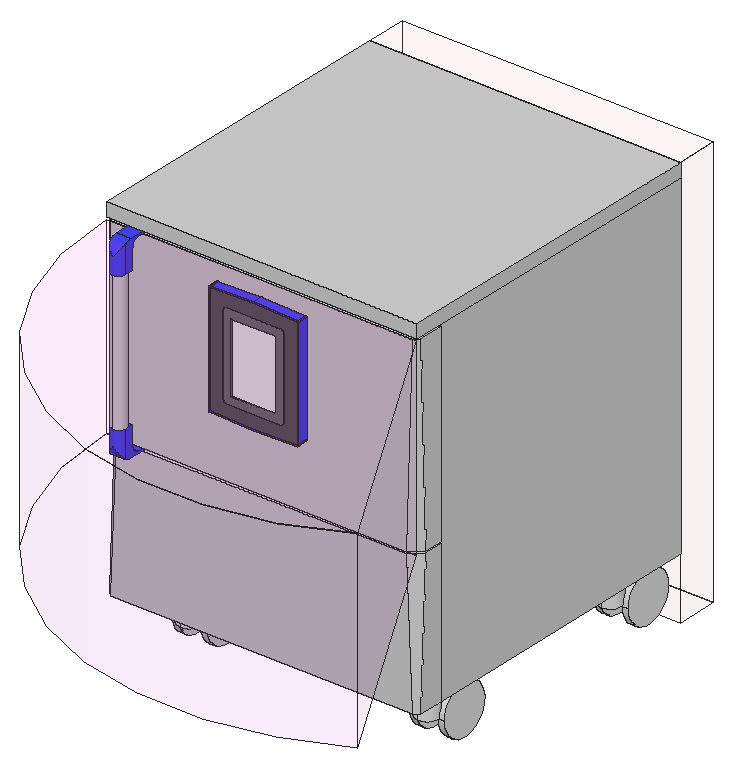
Revit family "Normann_Nortech_NAT5A-R290", category Attrezzature speciali, Revit 2021 (continued)
Definition of nested family "Griglia_Plus"
  Lines and regions (mm)
    model lines, detail levels medium+fine
      curve 331: line (120.936, -250.699, 0) -> (134.849, -258.731, 0)
      curve 332: line (120.936, -250.699, 0) -> (134.849, -242.666, 0)
      curve 333: line (134.849, -242.666, 0) -> (134.849, -258.731, 0)
      curve 334: line (152.781, -250.699, 0) -> (138.867, -258.731, 0)
      curve 335: line (152.781, -250.699, 0) -> (138.867, -242.666, 0)
      curve 336: line (138.867, -242.666, 0) -> (138.867, -258.731, 0)
      curve 337: line (154.797, -270.438, 0) -> (140.884, -262.405, 0)
      curve 338: line (154.797, -270.438, 0) -> (154.797, -254.373, 0)
      curve 339: line (154.797, -254.373, 0) -> (140.884, -262.405, 0)
      curve 340: line (118.953, -254.362, 0) -> (132.866, -262.395, 0)
      curve 341: line (118.953, -254.362, 0) -> (118.953, -270.428, 0)
      curve 342: line (118.953, -270.428, 0) -> (132.866, -262.395, 0)
      curve 343: line (120.936, -133.703, 0) -> (134.849, -125.67, 0)
      curve 344: line (120.936, -133.703, 0) -> (134.849, -141.736, 0)
      curve 345: line (134.849, -141.736, 0) -> (134.849, -125.67, 0)
      curve 346: line (152.781, -133.703, 0) -> (138.867, -125.67, 0)
      curve 347: line (152.781, -133.703, 0) -> (138.867, -141.736, 0)
      curve 348: line (138.867, -141.736, 0) -> (138.867, -125.67, 0)
      curve 349: line (120.936, -110.699, 0) -> (134.849, -118.731, 0)
      curve 350: line (120.936, -110.699, 0) -> (134.849, -102.666, 0)
      curve 351: line (134.849, -102.666, 0) -> (134.849, -118.731, 0)
      curve 352: line (152.781, -110.699, 0) -> (138.867, -118.731, 0)
      curve 353: line (152.781, -110.699, 0) -> (138.867, -102.666, 0)
      curve 354: line (138.867, -102.666, 0) -> (138.867, -118.731, 0)
      curve 355: line (154.797, -130.438, 0) -> (140.884, -122.405, 0)
      curve 356: line (154.797, -130.438, 0) -> (154.797, -114.373, 0)
      curve 357: line (154.797, -114.373, 0) -> (140.884, -122.405, 0)
      curve 358: line (118.953, -114.362, 0) -> (132.866, -122.395, 0)
      curve 359: line (118.953, -114.362, 0) -> (118.953, -130.428, 0)
      curve 360: line (118.953, -130.428, 0) -> (132.866, -122.395, 0)
      curve 361: line (154.797, -136.968, 0) -> (140.884, -145, 0)
      curve 362: line (154.797, -136.968, 0) -> (154.797, -153.033, 0)
      curve 363: line (154.797, -153.033, 0) -> (140.884, -145, 0)
      curve 364: line (118.953, -153.043, 0) -> (132.866, -145.011, 0)
      curve 365: line (118.953, -153.043, 0) -> (118.953, -136.978, 0)
      curve 366: line (118.953, -136.978, 0) -> (132.866, -145.011, 0)
      curve 367: line (120.936, -89.941, 0) -> (134.849, -81.909, 0)
      curve 368: line (120.936, -89.941, 0) -> (134.849, -97.974, 0)
      curve 369: line (134.849, -97.974, 0) -> (134.849, -81.909, 0)
      curve 370: line (152.781, -89.941, 0) -> (138.867, -81.909, 0)
      curve 371: line (152.781, -89.941, 0) -> (138.867, -97.974, 0)
      curve 372: line (138.867, -97.974, 0) -> (138.867, -81.909, 0)
      curve 373: line (120.936, -66.937, 0) -> (134.849, -74.97, 0)
      curve 374: line (120.936, -66.937, 0) -> (134.849, -58.904, 0)
      curve 375: line (134.849, -58.904, 0) -> (134.849, -74.97, 0)
      curve 376: line (152.781, -66.937, 0) -> (138.867, -74.97, 0)
      curve 377: line (152.781, -66.937, 0) -> (138.867, -58.904, 0)
      curve 378: line (138.867, -58.904, 0) -> (138.867, -74.97, 0)
      curve 379: line (154.797, -86.677, 0) -> (140.884, -78.644, 0)
      curve 380: line (154.797, -86.677, 0) -> (154.797, -70.611, 0)
      curve 381: line (154.797, -70.611, 0) -> (140.884, -78.644, 0)
      curve 382: line (118.953, -70.601, 0) -> (132.866, -78.633, 0)
      curve 383: line (118.953, -70.601, 0) -> (118.953, -86.666, 0)
      curve 384: line (118.953, -86.666, 0) -> (132.866, -78.633, 0)
      curve 385: line (154.797, -93.206, 0) -> (140.884, -101.239, 0)
      curve 386: line (154.797, -93.206, 0) -> (154.797, -109.272, 0)
      curve 387: line (154.797, -109.272, 0) -> (140.884, -101.239, 0)
      curve 388: line (118.953, -109.282, 0) -> (132.866, -101.249, 0)
      curve 389: line (118.953, -109.282, 0) -> (118.953, -93.217, 0)
      curve 390: line (118.953, -93.217, 0) -> (132.866, -101.249, 0)
      curve 391: line (120.936, -43.691, 0) -> (134.849, -35.659, 0)
      curve 392: line (120.936, -43.691, 0) -> (134.849, -51.724, 0)
      curve 393: line (134.849, -51.724, 0) -> (134.849, -35.659, 0)
      curve 394: line (152.781, -43.691, 0) -> (138.867, -35.659, 0)
      curve 395: line (152.781, -43.691, 0) -> (138.867, -51.724, 0)
      curve 396: line (138.867, -51.724, 0) -> (138.867, -35.659, 0)
      curve 397: line (120.936, -20.687, 0) -> (134.849, -28.72, 0)
      curve 398: line (120.936, -20.687, 0) -> (134.849, -12.654, 0)
      curve 399: line (134.849, -12.654, 0) -> (134.849, -28.72, 0)
      curve 400: line (152.781, -20.687, 0) -> (138.867, -28.72, 0)
      curve 401: line (152.781, -20.687, 0) -> (138.867, -12.654, 0)
      curve 402: line (138.867, -12.654, 0) -> (138.867, -28.72, 0)
      curve 403: line (154.797, -40.427, 0) -> (140.884, -32.394, 0)
      curve 404: line (154.797, -40.427, 0) -> (154.797, -24.361, 0)
      curve 405: line (154.797, -24.361, 0) -> (140.884, -32.394, 0)
      curve 406: line (118.953, -24.351, 0) -> (132.866, -32.383, 0)
      curve 407: line (118.953, -24.351, 0) -> (118.953, -40.416, 0)
      curve 408: line (118.953, -40.416, 0) -> (132.866, -32.383, 0)
      curve 409: line (154.797, -46.956, 0) -> (140.884, -54.989, 0)
      curve 410: line (154.797, -46.956, 0) -> (154.797, -63.022, 0)
      curve 411: line (154.797, -63.022, 0) -> (140.884, -54.989, 0)
      curve 412: line (118.953, -63.032, 0) -> (132.866, -54.999, 0)
      curve 413: line (118.953, -63.032, 0) -> (118.953, -46.967, 0)
      curve 414: line (118.953, -46.967, 0) -> (132.866, -54.999, 0)
      curve 415: line (160.936, -180.917, 0) -> (174.849, -172.885, 0)
      curve 416: line (160.936, -180.917, 0) -> (174.849, -188.95, 0)
      curve 417: line (174.849, -188.95, 0) -> (174.849, -172.885, 0)
      curve 418: line (192.781, -180.917, 0) -> (178.867, -172.885, 0)
      curve 419: line (192.781, -180.917, 0) -> (178.867, -188.95, 0)
      curve 420: line (178.867, -188.95, 0) -> (178.867, -172.885, 0)
      curve 421: line (160.936, -157.913, 0) -> (174.849, -165.946, 0)
      curve 422: line (160.936, -157.913, 0) -> (174.849, -149.88, 0)
      curve 423: line (174.849, -149.88, 0) -> (174.849, -165.946, 0)
      curve 424: line (192.781, -157.913, 0) -> (178.867, -165.946, 0)
      curve 425: line (192.781, -157.913, 0) -> (178.867, -149.88, 0)
      curve 426: line (178.867, -149.88, 0) -> (178.867, -165.946, 0)
      curve 427: line (194.797, -177.653, 0) -> (180.884, -169.62, 0)
      curve 428: line (194.797, -177.653, 0) -> (194.797, -161.587, 0)
      curve 429: line (194.797, -161.587, 0) -> (180.884, -169.62, 0)
      curve 430: line (158.953, -161.577, 0) -> (172.866, -169.609, 0)
      curve 431: line (158.953, -161.577, 0) -> (158.953, -177.642, 0)
      curve 432: line (158.953, -177.642, 0) -> (172.866, -169.609, 0)
      curve 433: line (194.797, -184.182, 0) -> (180.884, -192.215, 0)
      curve 434: line (194.797, -184.182, 0) -> (194.797, -200.248, 0)
      curve 435: line (194.797, -200.248, 0) -> (180.884, -192.215, 0)
      curve 436: line (158.953, -200.258, 0) -> (172.866, -192.225, 0)
      curve 437: line (158.953, -200.258, 0) -> (158.953, -184.192, 0)
      curve 438: line (158.953, -184.192, 0) -> (172.866, -192.225, 0)
      curve 439: line (160.936, -227.884, 0) -> (174.849, -219.851, 0)
      curve 440: line (160.936, -227.884, 0) -> (174.849, -235.917, 0)
      curve 441: line (174.849, -235.917, 0) -> (174.849, -219.851, 0)
      curve 442: line (192.781, -227.884, 0) -> (178.867, -219.851, 0)
      curve 443: line (192.781, -227.884, 0) -> (178.867, -235.917, 0)
      curve 444: line (178.867, -235.917, 0) -> (178.867, -219.851, 0)
      curve 445: line (160.936, -204.88, 0) -> (174.849, -212.912, 0)
      curve 446: line (160.936, -204.88, 0) -> (174.849, -196.847, 0)
      curve 447: line (174.849, -196.847, 0) -> (174.849, -212.912, 0)
      curve 448: line (192.781, -204.88, 0) -> (178.867, -212.912, 0)
      curve 449: line (192.781, -204.88, 0) -> (178.867, -196.847, 0)
      curve 450: line (178.867, -196.847, 0) -> (178.867, -212.912, 0)
      curve 451: line (194.797, -224.619, 0) -> (180.884, -216.587, 0)
      curve 452: line (194.797, -224.619, 0) -> (194.797, -208.554, 0)
      curve 453: line (194.797, -208.554, 0) -> (180.884, -216.587, 0)
      curve 454: line (158.953, -208.543, 0) -> (172.866, -216.576, 0)
      curve 455: line (158.953, -208.543, 0) -> (158.953, -224.609, 0)
      curve 456: line (158.953, -224.609, 0) -> (172.866, -216.576, 0)
      curve 457: line (194.797, -231.149, 0) -> (180.884, -239.181, 0)
      curve 458: line (194.797, -231.149, 0) -> (194.797, -247.214, 0)
      curve 459: line (194.797, -247.214, 0) -> (180.884, -239.181, 0)
      curve 460: line (158.953, -247.225, 0) -> (172.866, -239.192, 0)
      curve 461: line (158.953, -247.225, 0) -> (158.953, -231.159, 0)
      curve 462: line (158.953, -231.159, 0) -> (172.866, -239.192, 0)
      curve 463: line (160.936, -273.703, 0) -> (174.849, -265.67, 0)
      curve 464: line (160.936, -273.703, 0) -> (174.849, -281.736, 0)
      curve 465: line (174.849, -281.736, 0) -> (174.849, -265.67, 0)
      curve 466: line (192.781, -273.703, 0) -> (178.867, -265.67, 0)
      curve 467: line (192.781, -273.703, 0) -> (178.867, -281.736, 0)
      curve 468: line (178.867, -281.736, 0) -> (178.867, -265.67, 0)
      curve 469: line (160.936, -250.699, 0) -> (174.849, -258.731, 0)
      curve 470: line (160.936, -250.699, 0) -> (174.849, -242.666, 0)
      curve 471: line (174.849, -242.666, 0) -> (174.849, -258.731, 0)
      curve 472: line (192.781, -250.699, 0) -> (178.867, -258.731, 0)
      curve 473: line (192.781, -250.699, 0) -> (178.867, -242.666, 0)
      curve 474: line (178.867, -242.666, 0) -> (178.867, -258.731, 0)
      curve 475: line (194.797, -270.438, 0) -> (180.884, -262.405, 0)
      curve 476: line (194.797, -270.438, 0) -> (194.797, -254.373, 0)
      curve 477: line (194.797, -254.373, 0) -> (180.884, -262.405, 0)
      curve 478: line (158.953, -254.362, 0) -> (172.866, -262.395, 0)
      curve 479: line (158.953, -254.362, 0) -> (158.953, -270.428, 0)
      curve 480: line (158.953, -270.428, 0) -> (172.866, -262.395, 0)
      curve 481: line (160.936, -133.703, 0) -> (174.849, -125.67, 0)
      curve 482: line (160.936, -133.703, 0) -> (174.849, -141.736, 0)
      curve 483: line (174.849, -141.736, 0) -> (174.849, -125.67, 0)
      curve 484: line (192.781, -133.703, 0) -> (178.867, -125.67, 0)
      curve 485: line (192.781, -133.703, 0) -> (178.867, -141.736, 0)
      curve 486: line (178.867, -141.736, 0) -> (178.867, -125.67, 0)
      curve 487: line (160.936, -110.699, 0) -> (174.849, -118.731, 0)
      curve 488: line (160.936, -110.699, 0) -> (174.849, -102.666, 0)
      curve 489: line (174.849, -102.666, 0) -> (174.849, -118.731, 0)
      curve 490: line (192.781, -110.699, 0) -> (178.867, -118.731, 0)
      curve 491: line (192.781, -110.699, 0) -> (178.867, -102.666, 0)
      curve 492: line (178.867, -102.666, 0) -> (178.867, -118.731, 0)
      curve 493: line (194.797, -130.438, 0) -> (180.884, -122.405, 0)
      curve 494: line (194.797, -130.438, 0) -> (194.797, -114.373, 0)
      curve 495: line (194.797, -114.373, 0) -> (180.884, -122.405, 0)
      curve 496: line (158.953, -114.362, 0) -> (172.866, -122.395, 0)
      curve 497: line (158.953, -114.362, 0) -> (158.953, -130.428, 0)
      curve 498: line (158.953, -130.428, 0) -> (172.866, -122.395, 0)
      curve 499: line (194.797, -136.968, 0) -> (180.884, -145, 0)
      curve 500: line (194.797, -136.968, 0) -> (194.797, -153.033, 0)
      curve 501: line (194.797, -153.033, 0) -> (180.884, -145, 0)
      curve 502: line (158.953, -153.043, 0) -> (172.866, -145.011, 0)
      curve 503: line (158.953, -153.043, 0) -> (158.953, -136.978, 0)
      curve 504: line (158.953, -136.978, 0) -> (172.866, -145.011, 0)
      curve 505: line (160.936, -89.941, 0) -> (174.849, -81.909, 0)
      curve 506: line (160.936, -89.941, 0) -> (174.849, -97.974, 0)
      curve 507: line (174.849, -97.974, 0) -> (174.849, -81.909, 0)
      curve 508: line (192.781, -89.941, 0) -> (178.867, -81.909, 0)
      curve 509: line (192.781, -89.941, 0) -> (178.867, -97.974, 0)
      curve 510: line (178.867, -97.974, 0) -> (178.867, -81.909, 0)
      curve 511: line (160.936, -66.937, 0) -> (174.849, -74.97, 0)
      curve 512: line (160.936, -66.937, 0) -> (174.849, -58.904, 0)
      curve 513: line (174.849, -58.904, 0) -> (174.849, -74.97, 0)
      curve 514: line (192.781, -66.937, 0) -> (178.867, -74.97, 0)
      curve 515: line (192.781, -66.937, 0) -> (178.867, -58.904, 0)
      curve 516: line (178.867, -58.904, 0) -> (178.867, -74.97, 0)
      curve 517: line (194.797, -86.677, 0) -> (180.884, -78.644, 0)
      curve 518: line (194.797, -86.677, 0) -> (194.797, -70.611, 0)
      curve 519: line (194.797, -70.611, 0) -> (180.884, -78.644, 0)
      curve 520: line (158.953, -70.601, 0) -> (172.866, -78.633, 0)
      curve 521: line (158.953, -70.601, 0) -> (158.953, -86.666, 0)
      curve 522: line (158.953, -86.666, 0) -> (172.866, -78.633, 0)
      curve 523: line (194.797, -93.206, 0) -> (180.884, -101.239, 0)
      curve 524: line (194.797, -93.206, 0) -> (194.797, -109.272, 0)
      curve 525: line (194.797, -109.272, 0) -> (180.884, -101.239, 0)
      curve 526: line (158.953, -109.282, 0) -> (172.866, -101.249, 0)
      curve 527: line (158.953, -109.282, 0) -> (158.953, -93.217, 0)
      curve 528: line (158.953, -93.217, 0) -> (172.866, -101.249, 0)
      curve 529: line (160.936, -43.691, 0) -> (174.849, -35.659, 0)
      curve 530: line (160.936, -43.691, 0) -> (174.849, -51.724, 0)
      curve 531: line (174.849, -51.724, 0) -> (174.849, -35.659, 0)
      curve 532: line (192.781, -43.691, 0) -> (178.867, -35.659, 0)
      curve 533: line (192.781, -43.691, 0) -> (178.867, -51.724, 0)
      curve 534: line (178.867, -51.724, 0) -> (178.867, -35.659, 0)
      curve 535: line (160.936, -20.687, 0) -> (174.849, -28.72, 0)
      curve 536: line (160.936, -20.687, 0) -> (174.849, -12.654, 0)
      curve 537: line (174.849, -12.654, 0) -> (174.849, -28.72, 0)
      curve 538: line (192.781, -20.687, 0) -> (178.867, -28.72, 0)
      curve 539: line (192.781, -20.687, 0) -> (178.867, -12.654, 0)
      curve 540: line (178.867, -12.654, 0) -> (178.867, -28.72, 0)
      curve 541: line (194.797, -40.427, 0) -> (180.884, -32.394, 0)
      curve 542: line (194.797, -40.427, 0) -> (194.797, -24.361, 0)
      curve 543: line (194.797, -24.361, 0) -> (180.884, -32.394, 0)
      curve 544: line (158.953, -24.351, 0) -> (172.866, -32.383, 0)
      curve 545: line (158.953, -24.351, 0) -> (158.953, -40.416, 0)
      curve 546: line (158.953, -40.416, 0) -> (172.866, -32.383, 0)
      curve 547: line (194.797, -46.956, 0) -> (180.884, -54.989, 0)
      curve 548: line (194.797, -46.956, 0) -> (194.797, -63.022, 0)
      curve 549: line (194.797, -63.022, 0) -> (180.884, -54.989, 0)
      curve 550: line (158.953, -63.032, 0) -> (172.866, -54.999, 0)
      curve 551: line (158.953, -63.032, 0) -> (158.953, -46.967, 0)
      curve 552: line (158.953, -46.967, 0) -> (172.866, -54.999, 0)
      curve 553: line (200.936, -180.917, 0) -> (214.849, -172.885, 0)
      curve 554: line (200.936, -180.917, 0) -> (214.849, -188.95, 0)
      curve 555: line (214.849, -188.95, 0) -> (214.849, -172.885, 0)
      curve 556: line (232.781, -180.917, 0) -> (218.867, -172.885, 0)
      curve 557: line (232.781, -180.917, 0) -> (218.867, -188.95, 0)
      curve 558: line (218.867, -188.95, 0) -> (218.867, -172.885, 0)
      curve 559: line (200.936, -157.913, 0) -> (214.849, -165.946, 0)
      curve 560: line (200.936, -157.913, 0) -> (214.849, -149.88, 0)
      curve 561: line (214.849, -149.88, 0) -> (214.849, -165.946, 0)
      curve 562: line (232.781, -157.913, 0) -> (218.867, -165.946, 0)
      curve 563: line (232.781, -157.913, 0) -> (218.867, -149.88, 0)
      curve 564: line (218.867, -149.88, 0) -> (218.867, -165.946, 0)
      curve 565: line (234.797, -177.653, 0) -> (220.884, -169.62, 0)
      curve 566: line (234.797, -177.653, 0) -> (234.797, -161.587, 0)
      curve 567: line (234.797, -161.587, 0) -> (220.884, -169.62, 0)
      curve 568: line (198.953, -161.577, 0) -> (212.866, -169.609, 0)
      curve 569: line (198.953, -161.577, 0) -> (198.953, -177.642, 0)
      curve 570: line (198.953, -177.642, 0) -> (212.866, -169.609, 0)
      curve 571: line (234.797, -184.182, 0) -> (220.884, -192.215, 0)
      curve 572: line (234.797, -184.182, 0) -> (234.797, -200.248, 0)
      curve 573: line (234.797, -200.248, 0) -> (220.884, -192.215, 0)
      curve 574: line (198.953, -200.258, 0) -> (212.866, -192.225, 0)
      curve 575: line (198.953, -200.258, 0) -> (198.953, -184.192, 0)
      curve 576: line (198.953, -184.192, 0) -> (212.866, -192.225, 0)
      curve 577: line (200.936, -227.884, 0) -> (214.849, -219.851, 0)
      curve 578: line (200.936, -227.884, 0) -> (214.849, -235.917, 0)
      curve 579: line (214.849, -235.917, 0) -> (214.849, -219.851, 0)
      curve 580: line (232.781, -227.884, 0) -> (218.867, -219.851, 0)
      curve 581: line (232.781, -227.884, 0) -> (218.867, -235.917, 0)
      curve 582: line (218.867, -235.917, 0) -> (218.867, -219.851, 0)
      curve 583: line (200.936, -204.88, 0) -> (214.849, -212.912, 0)
      curve 584: line (200.936, -204.88, 0) -> (214.849, -196.847, 0)
      curve 585: line (214.849, -196.847, 0) -> (214.849, -212.912, 0)
      curve 586: line (232.781, -204.88, 0) -> (218.867, -212.912, 0)
      curve 587: line (232.781, -204.88, 0) -> (218.867, -196.847, 0)
      curve 588: line (218.867, -196.847, 0) -> (218.867, -212.912, 0)
      curve 589: line (234.797, -224.619, 0) -> (220.884, -216.587, 0)
      curve 590: line (234.797, -224.619, 0) -> (234.797, -208.554, 0)
      curve 591: line (234.797, -208.554, 0) -> (220.884, -216.587, 0)
      curve 592: line (198.953, -208.543, 0) -> (212.866, -216.576, 0)
      curve 593: line (198.953, -208.543, 0) -> (198.953, -224.609, 0)
      curve 594: line (198.953, -224.609, 0) -> (212.866, -216.576, 0)
      curve 595: line (234.797, -231.149, 0) -> (220.884, -239.181, 0)
      curve 596: line (234.797, -231.149, 0) -> (234.797, -247.214, 0)
      curve 597: line (234.797, -247.214, 0) -> (220.884, -239.181, 0)
      curve 598: line (198.953, -247.225, 0) -> (212.866, -239.192, 0)
      curve 599: line (198.953, -247.225, 0) -> (198.953, -231.159, 0)
      curve 600: line (198.953, -231.159, 0) -> (212.866, -239.192, 0)
      curve 601: line (200.936, -273.703, 0) -> (214.849, -265.67, 0)
      curve 602: line (200.936, -273.703, 0) -> (214.849, -281.736, 0)
      curve 603: line (214.849, -281.736, 0) -> (214.849, -265.67, 0)
      curve 604: line (232.781, -273.703, 0) -> (218.867, -265.67, 0)
      curve 605: line (232.781, -273.703, 0) -> (218.867, -281.736, 0)
      curve 606: line (218.867, -281.736, 0) -> (218.867, -265.67, 0)
      curve 607: line (200.936, -250.699, 0) -> (214.849, -258.731, 0)
      curve 608: line (200.936, -250.699, 0) -> (214.849, -242.666, 0)
      curve 609: line (214.849, -242.666, 0) -> (214.849, -258.731, 0)
      curve 610: line (232.781, -250.699, 0) -> (218.867, -258.731, 0)
      curve 611: line (232.781, -250.699, 0) -> (218.867, -242.666, 0)
      curve 612: line (218.867, -242.666, 0) -> (218.867, -258.731, 0)
      curve 613: line (234.797, -270.438, 0) -> (220.884, -262.405, 0)
      curve 614: line (234.797, -270.438, 0) -> (234.797, -254.373, 0)
      curve 615: line (234.797, -254.373, 0) -> (220.884, -262.405, 0)
      curve 616: line (198.953, -254.362, 0) -> (212.866, -262.395, 0)
      curve 617: line (198.953, -254.362, 0) -> (198.953, -270.428, 0)
      curve 618: line (198.953, -270.428, 0) -> (212.866, -262.395, 0)
      curve 619: line (200.936, -133.703, 0) -> (214.849, -125.67, 0)
      curve 620: line (200.936, -133.703, 0) -> (214.849, -141.736, 0)
      curve 621: line (214.849, -141.736, 0) -> (214.849, -125.67, 0)
      curve 622: line (232.781, -133.703, 0) -> (218.867, -125.67, 0)
      curve 623: line (232.781, -133.703, 0) -> (218.867, -141.736, 0)
      curve 624: line (218.867, -141.736, 0) -> (218.867, -125.67, 0)
      curve 625: line (200.936, -110.699, 0) -> (214.849, -118.731, 0)
      curve 626: line (200.936, -110.699, 0) -> (214.849, -102.666, 0)
      curve 627: line (214.849, -102.666, 0) -> (214.849, -118.731, 0)
      curve 628: line (232.781, -110.699, 0) -> (218.867, -118.731, 0)
      curve 629: line (232.781, -110.699, 0) -> (218.867, -102.666, 0)
      curve 630: line (218.867, -102.666, 0) -> (218.867, -118.731, 0)
      curve 631: line (234.797, -130.438, 0) -> (220.884, -122.405, 0)
      curve 632: line (234.797, -130.438, 0) -> (234.797, -114.373, 0)
      curve 633: line (234.797, -114.373, 0) -> (220.884, -122.405, 0)
      curve 634: line (198.953, -114.362, 0) -> (212.866, -122.395, 0)
      curve 635: line (198.953, -114.362, 0) -> (198.953, -130.428, 0)
      curve 636: line (198.953, -130.428, 0) -> (212.866, -122.395, 0)
      curve 637: line (234.797, -136.968, 0) -> (220.884, -145, 0)
      curve 638: line (234.797, -136.968, 0) -> (234.797, -153.033, 0)
      curve 639: line (234.797, -153.033, 0) -> (220.884, -145, 0)
      curve 640: line (198.953, -153.043, 0) -> (212.866, -145.011, 0)
      curve 641: line (198.953, -153.043, 0) -> (198.953, -136.978, 0)
      curve 642: line (198.953, -136.978, 0) -> (212.866, -145.011, 0)
      curve 643: line (200.936, -89.941, 0) -> (214.849, -81.909, 0)
      curve 644: line (200.936, -89.941, 0) -> (214.849, -97.974, 0)
      curve 645: line (214.849, -97.974, 0) -> (214.849, -81.909, 0)
      curve 646: line (232.781, -89.941, 0) -> (218.867, -81.909, 0)
      curve 647: line (232.781, -89.941, 0) -> (218.867, -97.974, 0)
      curve 648: line (218.867, -97.974, 0) -> (218.867, -81.909, 0)
      curve 649: line (200.936, -66.937, 0) -> (214.849, -74.97, 0)
      curve 650: line (200.936, -66.937, 0) -> (214.849, -58.904, 0)
      curve 651: line (214.849, -58.904, 0) -> (214.849, -74.97, 0)
      curve 652: line (232.781, -66.937, 0) -> (218.867, -74.97, 0)
      curve 653: line (232.781, -66.937, 0) -> (218.867, -58.904, 0)
      curve 654: line (218.867, -58.904, 0) -> (218.867, -74.97, 0)
      curve 655: line (234.797, -86.677, 0) -> (220.884, -78.644, 0)
      curve 656: line (234.797, -86.677, 0) -> (234.797, -70.611, 0)
      curve 657: line (234.797, -70.611, 0) -> (220.884, -78.644, 0)
      curve 658: line (198.953, -70.601, 0) -> (212.866, -78.633, 0)
      curve 659: line (198.953, -70.601, 0) -> (198.953, -86.666, 0)
      curve 660: line (198.953, -86.666, 0) -> (212.866, -78.633, 0)
      curve 661: line (234.797, -93.206, 0) -> (220.884, -101.239, 0)
      curve 662: line (234.797, -93.206, 0) -> (234.797, -109.272, 0)
      curve 663: line (234.797, -109.272, 0) -> (220.884, -101.239, 0)
      curve 664: line (198.953, -109.282, 0) -> (212.866, -101.249, 0)
      curve 665: line (198.953, -109.282, 0) -> (198.953, -93.217, 0)
      curve 666: line (198.953, -93.217, 0) -> (212.866, -101.249, 0)
      curve 667: line (200.936, -43.691, 0) -> (214.849, -35.659, 0)
      curve 668: line (200.936, -43.691, 0) -> (214.849, -51.724, 0)
      curve 669: line (214.849, -51.724, 0) -> (214.849, -35.659, 0)
      curve 670: line (232.781, -43.691, 0) -> (218.867, -35.659, 0)
      curve 671: line (232.781, -43.691, 0) -> (218.867, -51.724, 0)
      curve 672: line (218.867, -51.724, 0) -> (218.867, -35.659, 0)
      curve 673: line (200.936, -20.687, 0) -> (214.849, -28.72, 0)
      curve 674: line (200.936, -20.687, 0) -> (214.849, -12.654, 0)
      curve 675: line (214.849, -12.654, 0) -> (214.849, -28.72, 0)
      curve 676: line (232.781, -20.687, 0) -> (218.867, -28.72, 0)
      curve 677: line (232.781, -20.687, 0) -> (218.867, -12.654, 0)
      curve 678: line (218.867, -12.654, 0) -> (218.867, -28.72, 0)
      curve 679: line (234.797, -40.427, 0) -> (220.884, -32.394, 0)
      curve 680: line (234.797, -40.427, 0) -> (234.797, -24.361, 0)
      curve 681: line (234.797, -24.361, 0) -> (220.884, -32.394, 0)
      curve 682: line (198.953, -24.351, 0) -> (212.866, -32.383, 0)
      curve 683: line (198.953, -24.351, 0) -> (198.953, -40.416, 0)
      curve 684: line (198.953, -40.416, 0) -> (212.866, -32.383, 0)
      curve 685: line (234.797, -46.956, 0) -> (220.884, -54.989, 0)
      curve 686: line (234.797, -46.956, 0) -> (234.797, -63.022, 0)
      curve 687: line (234.797, -63.022, 0) -> (220.884, -54.989, 0)
      curve 688: line (198.953, -63.032, 0) -> (212.866, -54.999, 0)
      curve 689: line (198.953, -63.032, 0) -> (198.953, -46.967, 0)
      curve 690: line (198.953, -46.967, 0) -> (212.866, -54.999, 0)
      curve 691: line (240.936, -180.917, 0) -> (254.849, -172.885, 0)
      curve 692: line (240.936, -180.917, 0) -> (254.849, -188.95, 0)
      curve 693: line (254.849, -188.95, 0) -> (254.849, -172.885, 0)
      curve 694: line (272.781, -180.917, 0) -> (258.867, -172.885, 0)
      curve 695: line (272.781, -180.917, 0) -> (258.867, -188.95, 0)
      curve 696: line (258.867, -188.95, 0) -> (258.867, -172.885, 0)
      curve 697: line (240.936, -157.913, 0) -> (254.849, -165.946, 0)
      curve 698: line (240.936, -157.913, 0) -> (254.849, -149.88, 0)
      curve 699: line (254.849, -149.88, 0) -> (254.849, -165.946, 0)
      curve 700: line (272.781, -157.913, 0) -> (258.867, -165.946, 0)
      curve 701: line (272.781, -157.913, 0) -> (258.867, -149.88, 0)
      curve 702: line (258.867, -149.88, 0) -> (258.867, -165.946, 0)
      curve 703: line (274.797, -177.653, 0) -> (260.884, -169.62, 0)
      curve 704: line (274.797, -177.653, 0) -> (274.797, -161.587, 0)
      curve 705: line (274.797, -161.587, 0) -> (260.884, -169.62, 0)
      curve 706: line (238.953, -161.577, 0) -> (252.866, -169.609, 0)
      curve 707: line (238.953, -161.577, 0) -> (238.953, -177.642, 0)
      curve 708: line (238.953, -177.642, 0) -> (252.866, -169.609, 0)
      curve 709: line (274.797, -184.182, 0) -> (260.884, -192.215, 0)
      curve 710: line (274.797, -184.182, 0) -> (274.797, -200.248, 0)
      curve 711: line (274.797, -200.248, 0) -> (260.884, -192.215, 0)
      curve 712: line (238.953, -200.258, 0) -> (252.866, -192.225, 0)
      curve 713: line (238.953, -200.258, 0) -> (238.953, -184.192, 0)
      curve 714: line (238.953, -184.192, 0) -> (252.866, -192.225, 0)
      curve 715: line (240.936, -227.884, 0) -> (254.849, -219.851, 0)
      curve 716: line (240.936, -227.884, 0) -> (254.849, -235.917, 0)
      curve 717: line (254.849, -235.917, 0) -> (254.849, -219.851, 0)
      curve 718: line (272.781, -227.884, 0) -> (258.867, -219.851, 0)
      curve 719: line (272.781, -227.884, 0) -> (258.867, -235.917, 0)
      curve 720: line (258.867, -235.917, 0) -> (258.867, -219.851, 0)
      curve 721: line (240.936, -204.88, 0) -> (254.849, -212.912, 0)
      curve 722: line (240.936, -204.88, 0) -> (254.849, -196.847, 0)
      curve 723: line (254.849, -196.847, 0) -> (254.849, -212.912, 0)
      curve 724: line (272.781, -204.88, 0) -> (258.867, -212.912, 0)
      curve 725: line (272.781, -204.88, 0) -> (258.867, -196.847, 0)
      curve 726: line (258.867, -196.847, 0) -> (258.867, -212.912, 0)
      curve 727: line (274.797, -224.619, 0) -> (260.884, -216.587, 0)
      curve 728: line (274.797, -224.619, 0) -> (274.797, -208.554, 0)
      curve 729: line (274.797, -208.554, 0) -> (260.884, -216.587, 0)
      curve 730: line (238.953, -208.543, 0) -> (252.866, -216.576, 0)
      curve 731: line (238.953, -208.543, 0) -> (238.953, -224.609, 0)
      curve 732: line (238.953, -224.609, 0) -> (252.866, -216.576, 0)
      curve 733: line (274.797, -231.149, 0) -> (260.884, -239.181, 0)
      curve 734: line (274.797, -231.149, 0) -> (274.797, -247.214, 0)
      curve 735: line (274.797, -247.214, 0) -> (260.884, -239.181, 0)
      curve 736: line (238.953, -247.225, 0) -> (252.866, -239.192, 0)
      curve 737: line (238.953, -247.225, 0) -> (238.953, -231.159, 0)
      curve 738: line (238.953, -231.159, 0) -> (252.866, -239.192, 0)
      curve 739: line (240.936, -273.703, 0) -> (254.849, -265.67, 0)
      curve 740: line (240.936, -273.703, 0) -> (254.849, -281.736, 0)
      curve 741: line (254.849, -281.736, 0) -> (254.849, -265.67, 0)
      curve 742: line (272.781, -273.703, 0) -> (258.867, -265.67, 0)
      curve 743: line (272.781, -273.703, 0) -> (258.867, -281.736, 0)
      curve 744: line (258.867, -281.736, 0) -> (258.867, -265.67, 0)
      curve 745: line (240.936, -250.699, 0) -> (254.849, -258.731, 0)
      curve 746: line (240.936, -250.699, 0) -> (254.849, -242.666, 0)
      curve 747: line (254.849, -242.666, 0) -> (254.849, -258.731, 0)
      curve 748: line (272.781, -250.699, 0) -> (258.867, -258.731, 0)
      curve 749: line (272.781, -250.699, 0) -> (258.867, -242.666, 0)
      curve 750: line (258.867, -242.666, 0) -> (258.867, -258.731, 0)
      curve 751: line (274.797, -270.438, 0) -> (260.884, -262.405, 0)
      curve 752: line (274.797, -270.438, 0) -> (274.797, -254.373, 0)
      curve 753: line (274.797, -254.373, 0) -> (260.884, -262.405, 0)
      curve 754: line (238.953, -254.362, 0) -> (252.866, -262.395, 0)
      curve 755: line (238.953, -254.362, 0) -> (238.953, -270.428, 0)
      curve 756: line (238.953, -270.428, 0) -> (252.866, -262.395, 0)
      curve 757: line (240.936, -133.703, 0) -> (254.849, -125.67, 0)
      curve 758: line (240.936, -133.703, 0) -> (254.849, -141.736, 0)
      curve 759: line (254.849, -141.736, 0) -> (254.849, -125.67, 0)
      curve 760: line (272.781, -133.703, 0) -> (258.867, -125.67, 0)
      curve 761: line (272.781, -133.703, 0) -> (258.867, -141.736, 0)
      curve 762: line (258.867, -141.736, 0) -> (258.867, -125.67, 0)
      curve 763: line (240.936, -110.699, 0) -> (254.849, -118.731, 0)
      curve 764: line (240.936, -110.699, 0) -> (254.849, -102.666, 0)
      curve 765: line (254.849, -102.666, 0) -> (254.849, -118.731, 0)
      curve 766: line (272.781, -110.699, 0) -> (258.867, -118.731, 0)
      curve 767: line (272.781, -110.699, 0) -> (258.867, -102.666, 0)
      curve 768: line (258.867, -102.666, 0) -> (258.867, -118.731, 0)
      curve 769: line (274.797, -130.438, 0) -> (260.884, -122.405, 0)
      curve 770: line (274.797, -130.438, 0) -> (274.797, -114.373, 0)
      curve 771: line (274.797, -114.373, 0) -> (260.884, -122.405, 0)
      curve 772: line (238.953, -114.362, 0) -> (252.866, -122.395, 0)
      curve 773: line (238.953, -114.362, 0) -> (238.953, -130.428, 0)
      curve 774: line (238.953, -130.428, 0) -> (252.866, -122.395, 0)
      curve 775: line (274.797, -136.968, 0) -> (260.884, -145, 0)
      curve 776: line (274.797, -136.968, 0) -> (274.797, -153.033, 0)
      curve 777: line (274.797, -153.033, 0) -> (260.884, -145, 0)
      curve 778: line (238.953, -153.043, 0) -> (252.866, -145.011, 0)
      curve 779: line (238.953, -153.043, 0) -> (238.953, -136.978, 0)
      curve 780: line (238.953, -136.978, 0) -> (252.866, -145.011, 0)
      curve 781: line (240.936, -89.941, 0) -> (254.849, -81.909, 0)
      curve 782: line (240.936, -89.941, 0) -> (254.849, -97.974, 0)
      curve 783: line (254.849, -97.974, 0) -> (254.849, -81.909, 0)
      curve 784: line (272.781, -89.941, 0) -> (258.867, -81.909, 0)
      curve 785: line (272.781, -89.941, 0) -> (258.867, -97.974, 0)
      curve 786: line (258.867, -97.974, 0) -> (258.867, -81.909, 0)
      curve 787: line (240.936, -66.937, 0) -> (254.849, -74.97, 0)
      curve 788: line (240.936, -66.937, 0) -> (254.849, -58.904, 0)
      curve 789: line (254.849, -58.904, 0) -> (254.849, -74.97, 0)
      curve 790: line (272.781, -66.937, 0) -> (258.867, -74.97, 0)
      curve 791: line (272.781, -66.937, 0) -> (258.867, -58.904, 0)
      curve 792: line (258.867, -58.904, 0) -> (258.867, -74.97, 0)
      curve 793: line (274.797, -86.677, 0) -> (260.884, -78.644, 0)
      curve 794: line (274.797, -86.677, 0) -> (274.797, -70.611, 0)
      curve 795: line (274.797, -70.611, 0) -> (260.884, -78.644, 0)
      curve 796: line (238.953, -70.601, 0) -> (252.866, -78.633, 0)
      curve 797: line (238.953, -70.601, 0) -> (238.953, -86.666, 0)
      curve 798: line (238.953, -86.666, 0) -> (252.866, -78.633, 0)
      curve 799: line (274.797, -93.206, 0) -> (260.884, -101.239, 0)
      curve 800: line (274.797, -93.206, 0) -> (274.797, -109.272, 0)
      curve 801: line (274.797, -109.272, 0) -> (260.884, -101.239, 0)
      curve 802: line (238.953, -109.282, 0) -> (252.866, -101.249, 0)
      curve 803: line (238.953, -109.282, 0) -> (238.953, -93.217, 0)
      curve 804: line (238.953, -93.217, 0) -> (252.866, -101.249, 0)
      curve 805: line (240.936, -43.691, 0) -> (254.849, -35.659, 0)
      curve 806: line (240.936, -43.691, 0) -> (254.849, -51.724, 0)
      curve 807: line (254.849, -51.724, 0) -> (254.849, -35.659, 0)
      curve 808: line (272.781, -43.691, 0) -> (258.867, -35.659, 0)
      curve 809: line (272.781, -43.691, 0) -> (258.867, -51.724, 0)
      curve 810: line (258.867, -51.724, 0) -> (258.867, -35.659, 0)
      curve 811: line (240.936, -20.687, 0) -> (254.849, -28.72, 0)
      curve 812: line (240.936, -20.687, 0) -> (254.849, -12.654, 0)
      curve 813: line (254.849, -12.654, 0) -> (254.849, -28.72, 0)
      curve 814: line (272.781, -20.687, 0) -> (258.867, -28.72, 0)
      curve 815: line (272.781, -20.687, 0) -> (258.867, -12.654, 0)
      curve 816: line (258.867, -12.654, 0) -> (258.867, -28.72, 0)
      curve 817: line (274.797, -40.427, 0) -> (260.884, -32.394, 0)
      curve 818: line (274.797, -40.427, 0) -> (274.797, -24.361, 0)
      curve 819: line (274.797, -24.361, 0) -> (260.884, -32.394, 0)
      curve 820: line (238.953, -24.351, 0) -> (252.866, -32.383, 0)
      curve 821: line (238.953, -24.351, 0) -> (238.953, -40.416, 0)
      curve 822: line (238.953, -40.416, 0) -> (252.866, -32.383, 0)
      curve 823: line (274.797, -46.956, 0) -> (260.884, -54.989, 0)
      curve 824: line (274.797, -46.956, 0) -> (274.797, -63.022, 0)
      curve 825: line (274.797, -63.022, 0) -> (260.884, -54.989, 0)
      curve 826: line (238.953, -63.032, 0) -> (252.866, -54.999, 0)
      curve 827: line (238.953, -63.032, 0) -> (238.953, -46.967, 0)
      curve 828: line (238.953, -46.967, 0) -> (252.866, -54.999, 0)
      curve 829: line (280.936, -180.917, 0) -> (294.849, -172.885, 0)
      curve 830: line (280.936, -180.917, 0) -> (294.849, -188.95, 0)
      curve 831: line (294.849, -188.95, 0) -> (294.849, -172.885, 0)
      curve 832: line (312.781, -180.917, 0) -> (298.867, -172.885, 0)
      curve 833: line (312.781, -180.917, 0) -> (298.867, -188.95, 0)
      curve 834: line (298.867, -188.95, 0) -> (298.867, -172.885, 0)
      curve 835: line (280.936, -157.913, 0) -> (294.849, -165.946, 0)
      curve 836: line (280.936, -157.913, 0) -> (294.849, -149.88, 0)
      curve 837: line (294.849, -149.88, 0) -> (294.849, -165.946, 0)
      curve 838: line (312.781, -157.913, 0) -> (298.867, -165.946, 0)
      curve 839: line (312.781, -157.913, 0) -> (298.867, -149.88, 0)
      curve 840: line (298.867, -149.88, 0) -> (298.867, -165.946, 0)
      curve 841: line (314.797, -177.653, 0) -> (300.884, -169.62, 0)
      curve 842: line (314.797, -177.653, 0) -> (314.797, -161.587, 0)
      curve 843: line (314.797, -161.587, 0) -> (300.884, -169.62, 0)
      curve 844: line (278.953, -161.577, 0) -> (292.866, -169.609, 0)
      curve 845: line (278.953, -161.577, 0) -> (278.953, -177.642, 0)
      curve 846: line (278.953, -177.642, 0) -> (292.866, -169.609, 0)
      curve 847: line (314.797, -184.182, 0) -> (300.884, -192.215, 0)
      curve 848: line (314.797, -184.182, 0) -> (314.797, -200.248, 0)
      curve 849: line (314.797, -200.248, 0) -> (300.884, -192.215, 0)
      curve 850: line (278.953, -200.258, 0) -> (292.866, -192.225, 0)
      curve 851: line (278.953, -200.258, 0) -> (278.953, -184.192, 0)
      curve 852: line (278.953, -184.192, 0) -> (292.866, -192.225, 0)
      curve 853: line (280.936, -227.884, 0) -> (294.849, -219.851, 0)
      curve 854: line (280.936, -227.884, 0) -> (294.849, -235.917, 0)
      curve 855: line (294.849, -235.917, 0) -> (294.849, -219.851, 0)
      curve 856: line (312.781, -227.884, 0) -> (298.867, -219.851, 0)
      curve 857: line (312.781, -227.884, 0) -> (298.867, -235.917, 0)
      curve 858: line (298.867, -235.917, 0) -> (298.867, -219.851, 0)
      curve 859: line (280.936, -204.88, 0) -> (294.849, -212.912, 0)
      curve 860: line (280.936, -204.88, 0) -> (294.849, -196.847, 0)
      curve 861: line (294.849, -196.847, 0) -> (294.849, -212.912, 0)
      curve 862: line (312.781, -204.88, 0) -> (298.867, -212.912, 0)
      curve 863: line (312.781, -204.88, 0) -> (298.867, -196.847, 0)
      curve 864: line (298.867, -196.847, 0) -> (298.867, -212.912, 0)
      curve 865: line (314.797, -224.619, 0) -> (300.884, -216.587, 0)
      curve 866: line (314.797, -224.619, 0) -> (314.797, -208.554, 0)
      curve 867: line (314.797, -208.554, 0) -> (300.884, -216.587, 0)
      curve 868: line (278.953, -208.543, 0) -> (292.866, -216.576, 0)
      curve 869: line (278.953, -208.543, 0) -> (278.953, -224.609, 0)
      curve 870: line (278.953, -224.609, 0) -> (292.866, -216.576, 0)
      curve 871: line (314.797, -231.149, 0) -> (300.884, -239.181, 0)
      curve 872: line (314.797, -231.149, 0) -> (314.797, -247.214, 0)
      curve 873: line (314.797, -247.214, 0) -> (300.884, -239.181, 0)
      curve 874: line (278.953, -247.225, 0) -> (292.866, -239.192, 0)
      curve 875: line (278.953, -247.225, 0) -> (278.953, -231.159, 0)
      curve 876: line (278.953, -231.159, 0) -> (292.866, -239.192, 0)
      curve 877: line (280.936, -273.703, 0) -> (294.849, -265.67, 0)
      curve 878: line (280.936, -273.703, 0) -> (294.849, -281.736, 0)
      curve 879: line (294.849, -281.736, 0) -> (294.849, -265.67, 0)
      curve 880: line (312.781, -273.703, 0) -> (298.867, -265.67, 0)
      curve 881: line (312.781, -273.703, 0) -> (298.867, -281.736, 0)
      curve 882: line (298.867, -281.736, 0) -> (298.867, -265.67, 0)
      curve 883: line (280.936, -250.699, 0) -> (294.849, -258.731, 0)
      curve 884: line (280.936, -250.699, 0) -> (294.849, -242.666, 0)
      curve 885: line (294.849, -242.666, 0) -> (294.849, -258.731, 0)
      curve 886: line (312.781, -250.699, 0) -> (298.867, -258.731, 0)
      curve 887: line (312.781, -250.699, 0) -> (298.867, -242.666, 0)
      curve 888: line (298.867, -242.666, 0) -> (298.867, -258.731, 0)
      curve 889: line (314.797, -270.438, 0) -> (300.884, -262.405, 0)
      curve 890: line (314.797, -270.438, 0) -> (314.797, -254.373, 0)
      curve 891: line (314.797, -254.373, 0) -> (300.884, -262.405, 0)
      curve 892: line (278.953, -254.362, 0) -> (292.866, -262.395, 0)
      curve 893: line (278.953, -254.362, 0) -> (278.953, -270.428, 0)
      curve 894: line (278.953, -270.428, 0) -> (292.866, -262.395, 0)
      curve 895: line (280.936, -133.703, 0) -> (294.849, -125.67, 0)
      curve 896: line (280.936, -133.703, 0) -> (294.849, -141.736, 0)
      curve 897: line (294.849, -141.736, 0) -> (294.849, -125.67, 0)
      curve 898: line (312.781, -133.703, 0) -> (298.867, -125.67, 0)
      curve 899: line (312.781, -133.703, 0) -> (298.867, -141.736, 0)
      curve 900: line (298.867, -141.736, 0) -> (298.867, -125.67, 0)
      curve 901: line (280.936, -110.699, 0) -> (294.849, -118.731, 0)
      curve 902: line (280.936, -110.699, 0) -> (294.849, -102.666, 0)
      curve 903: line (294.849, -102.666, 0) -> (294.849, -118.731, 0)
      curve 904: line (312.781, -110.699, 0) -> (298.867, -118.731, 0)
      curve 905: line (312.781, -110.699, 0) -> (298.867, -102.666, 0)
      curve 906: line (298.867, -102.666, 0) -> (298.867, -118.731, 0)
      curve 907: line (314.797, -130.438, 0) -> (300.884, -122.405, 0)
      curve 908: line (314.797, -130.438, 0) -> (314.797, -114.373, 0)
      curve 909: line (314.797, -114.373, 0) -> (300.884, -122.405, 0)
      curve 910: line (278.953, -114.362, 0) -> (292.866, -122.395, 0)
      curve 911: line (278.953, -114.362, 0) -> (278.953, -130.428, 0)
      curve 912: line (278.953, -130.428, 0) -> (292.866, -122.395, 0)
      curve 913: line (314.797, -136.968, 0) -> (300.884, -145, 0)
      curve 914: line (314.797, -136.968, 0) -> (314.797, -153.033, 0)
      curve 915: line (314.797, -153.033, 0) -> (300.884, -145, 0)
      curve 916: line (278.953, -153.043, 0) -> (292.866, -145.011, 0)
      curve 917: line (278.953, -153.043, 0) -> (278.953, -136.978, 0)
      curve 918: line (278.953, -136.978, 0) -> (292.866, -145.011, 0)
      curve 919: line (280.936, -89.941, 0) -> (294.849, -81.909, 0)
      curve 920: line (280.936, -89.941, 0) -> (294.849, -97.974, 0)
      curve 921: line (294.849, -97.974, 0) -> (294.849, -81.909, 0)
      curve 922: line (312.781, -89.941, 0) -> (298.867, -81.909, 0)
      curve 923: line (312.781, -89.941, 0) -> (298.867, -97.974, 0)
      curve 924: line (298.867, -97.974, 0) -> (298.867, -81.909, 0)
      curve 925: line (280.936, -66.937, 0) -> (294.849, -74.97, 0)
      curve 926: line (280.936, -66.937, 0) -> (294.849, -58.904, 0)
      curve 927: line (294.849, -58.904, 0) -> (294.849, -74.97, 0)
      curve 928: line (312.781, -66.937, 0) -> (298.867, -74.97, 0)
      curve 929: line (312.781, -66.937, 0) -> (298.867, -58.904, 0)
      curve 930: line (298.867, -58.904, 0) -> (298.867, -74.97, 0)
      curve 931: line (314.797, -86.677, 0) -> (300.884, -78.644, 0)
      curve 932: line (314.797, -86.677, 0) -> (314.797, -70.611, 0)
      curve 933: line (314.797, -70.611, 0) -> (300.884, -78.644, 0)
      curve 934: line (278.953, -70.601, 0) -> (292.866, -78.633, 0)
      curve 935: line (278.953, -70.601, 0) -> (278.953, -86.666, 0)
      curve 936: line (278.953, -86.666, 0) -> (292.866, -78.633, 0)
      curve 937: line (314.797, -93.206, 0) -> (300.884, -101.239, 0)
      curve 938: line (314.797, -93.206, 0) -> (314.797, -109.272, 0)
      curve 939: line (314.797, -109.272, 0) -> (300.884, -101.239, 0)
      curve 940: line (278.953, -109.282, 0) -> (292.866, -101.249, 0)
      curve 941: line (278.953, -109.282, 0) -> (278.953, -93.217, 0)
      curve 942: line (278.953, -93.217, 0) -> (292.866, -101.249, 0)
      curve 943: line (280.936, -43.691, 0) -> (294.849, -35.659, 0)
      curve 944: line (280.936, -43.691, 0) -> (294.849, -51.724, 0)
      curve 945: line (294.849, -51.724, 0) -> (294.849, -35.659, 0)
      curve 946: line (312.781, -43.691, 0) -> (298.867, -35.659, 0)
      curve 947: line (312.781, -43.691, 0) -> (298.867, -51.724, 0)
      curve 948: line (298.867, -51.724, 0) -> (298.867, -35.659, 0)
      curve 949: line (280.936, -20.687, 0) -> (294.849, -28.72, 0)
      curve 950: line (280.936, -20.687, 0) -> (294.849, -12.654, 0)
      curve 951: line (294.849, -12.654, 0) -> (294.849, -28.72, 0)
      curve 952: line (312.781, -20.687, 0) -> (298.867, -28.72, 0)
      curve 953: line (312.781, -20.687, 0) -> (298.867, -12.654, 0)
      curve 954: line (298.867, -12.654, 0) -> (298.867, -28.72, 0)
      curve 955: line (314.797, -40.427, 0) -> (300.884, -32.394, 0)
      curve 956: line (314.797, -40.427, 0) -> (314.797, -24.361, 0)
      curve 957: line (314.797, -24.361, 0) -> (300.884, -32.394, 0)
      curve 958: line (278.953, -24.351, 0) -> (292.866, -32.383, 0)
      curve 959: line (278.953, -24.351, 0) -> (278.953, -40.416, 0)
      curve 960: line (278.953, -40.416, 0) -> (292.866, -32.383, 0)
      curve 961: line (314.797, -46.956, 0) -> (300.884, -54.989, 0)
      curve 962: line (314.797, -46.956, 0) -> (314.797, -63.022, 0)
      curve 963: line (314.797, -63.022, 0) -> (300.884, -54.989, 0)
      curve 964: line (278.953, -63.032, 0) -> (292.866, -54.999, 0)
      curve 965: line (278.953, -63.032, 0) -> (278.953, -46.967, 0)
      curve 966: line (278.953, -46.967, 0) -> (292.866, -54.999, 0)
      curve 967: line (320.936, -180.917, 0) -> (334.849, -172.885, 0)
      curve 968: line (320.936, -180.917, 0) -> (334.849, -188.95, 0)
      curve 969: line (334.849, -188.95, 0) -> (334.849, -172.885, 0)
      curve 970: line (352.781, -180.917, 0) -> (338.867, -172.885, 0)
      curve 971: line (352.781, -180.917, 0) -> (338.867, -188.95, 0)
      curve 972: line (338.867, -188.95, 0) -> (338.867, -172.885, 0)
      curve 973: line (320.936, -157.913, 0) -> (334.849, -165.946, 0)
      curve 974: line (320.936, -157.913, 0) -> (334.849, -149.88, 0)
      curve 975: line (334.849, -149.88, 0) -> (334.849, -165.946, 0)
      curve 976: line (352.781, -157.913, 0) -> (338.867, -165.946, 0)
      curve 977: line (352.781, -157.913, 0) -> (338.867, -149.88, 0)
      curve 978: line (338.867, -149.88, 0) -> (338.867, -165.946, 0)
      curve 979: line (354.797, -177.653, 0) -> (340.884, -169.62, 0)
      curve 980: line (354.797, -177.653, 0) -> (354.797, -161.587, 0)
      curve 981: line (354.797, -161.587, 0) -> (340.884, -169.62, 0)
      curve 982: line (318.953, -161.577, 0) -> (332.866, -169.609, 0)
      curve 983: line (318.953, -161.577, 0) -> (318.953, -177.642, 0)
      curve 984: line (318.953, -177.642, 0) -> (332.866, -169.609, 0)
      curve 985: line (354.797, -184.182, 0) -> (340.884, -192.215, 0)
      curve 986: line (354.797, -184.182, 0) -> (354.797, -200.248, 0)
      curve 987: line (354.797, -200.248, 0) -> (340.884, -192.215, 0)
      curve 988: line (318.953, -200.258, 0) -> (332.866, -192.225, 0)
      curve 989: line (318.953, -200.258, 0) -> (318.953, -184.192, 0)
      curve 990: line (318.953, -184.192, 0) -> (332.866, -192.225, 0)
      curve 991: line (320.936, -227.884, 0) -> (334.849, -219.851, 0)
      curve 992: line (320.936, -227.884, 0) -> (334.849, -235.917, 0)
      curve 993: line (334.849, -235.917, 0) -> (334.849, -219.851, 0)
      curve 994: line (352.781, -227.884, 0) -> (338.867, -219.851, 0)
      curve 995: line (352.781, -227.884, 0) -> (338.867, -235.917, 0)
      curve 996: line (338.867, -235.917, 0) -> (338.867, -219.851, 0)
      curve 997: line (320.936, -204.88, 0) -> (334.849, -212.912, 0)
      curve 998: line (320.936, -204.88, 0) -> (334.849, -196.847, 0)
      curve 999: line (334.849, -196.847, 0) -> (334.849, -212.912, 0)
      curve 1000: line (352.781, -204.88, 0) -> (338.867, -212.912, 0)
      curve 1001: line (352.781, -204.88, 0) -> (338.867, -196.847, 0)
      curve 1002: line (338.867, -196.847, 0) -> (338.867, -212.912, 0)
      curve 1003: line (354.797, -224.619, 0) -> (340.884, -216.587, 0)
      curve 1004: line (354.797, -224.619, 0) -> (354.797, -208.554, 0)
      curve 1005: line (354.797, -208.554, 0) -> (340.884, -216.587, 0)
      curve 1006: line (318.953, -208.543, 0) -> (332.866, -216.576, 0)
      curve 1007: line (318.953, -208.543, 0) -> (318.953, -224.609, 0)
      curve 1008: line (318.953, -224.609, 0) -> (332.866, -216.576, 0)
      curve 1009: line (354.797, -231.149, 0) -> (340.884, -239.181, 0)
      curve 1010: line (354.797, -231.149, 0) -> (354.797, -247.214, 0)
      curve 1011: line (354.797, -247.214, 0) -> (340.884, -239.181, 0)
      curve 1012: line (318.953, -247.225, 0) -> (332.866, -239.192, 0)
      curve 1013: line (318.953, -247.225, 0) -> (318.953, -231.159, 0)
      curve 1014: line (318.953, -231.159, 0) -> (332.866, -239.192, 0)
      curve 1015: line (320.936, -273.703, 0) -> (334.849, -265.67, 0)
      curve 1016: line (320.936, -273.703, 0) -> (334.849, -281.736, 0)
      curve 1017: line (334.849, -281.736, 0) -> (334.849, -265.67, 0)
      curve 1018: line (352.781, -273.703, 0) -> (338.867, -265.67, 0)
      curve 1019: line (352.781, -273.703, 0) -> (338.867, -281.736, 0)
      curve 1020: line (338.867, -281.736, 0) -> (338.867, -265.67, 0)
      curve 1021: line (320.936, -250.699, 0) -> (334.849, -258.731, 0)
      curve 1022: line (320.936, -250.699, 0) -> (334.849, -242.666, 0)
      curve 1023: line (334.849, -242.666, 0) -> (334.849, -258.731, 0)
      curve 1024: line (352.781, -250.699, 0) -> (338.867, -258.731, 0)
      curve 1025: line (352.781, -250.699, 0) -> (338.867, -242.666, 0)
      curve 1026: line (338.867, -242.666, 0) -> (338.867, -258.731, 0)
      curve 1027: line (354.797, -270.438, 0) -> (340.884, -262.405, 0)
      curve 1028: line (354.797, -270.438, 0) -> (354.797, -254.373, 0)
      curve 1029: line (354.797, -254.373, 0) -> (340.884, -262.405, 0)
      curve 1030: line (318.953, -254.362, 0) -> (332.866, -262.395, 0)
      curve 1031: line (318.953, -254.362, 0) -> (318.953, -270.428, 0)
      curve 1032: line (318.953, -270.428, 0) -> (332.866, -262.395, 0)
      curve 1033: line (320.936, -133.703, 0) -> (334.849, -125.67, 0)
      curve 1034: line (320.936, -133.703, 0) -> (334.849, -141.736, 0)
      curve 1035: line (334.849, -141.736, 0) -> (334.849, -125.67, 0)
      curve 1036: line (352.781, -133.703, 0) -> (338.867, -125.67, 0)
      curve 1037: line (352.781, -133.703, 0) -> (338.867, -141.736, 0)
      curve 1038: line (338.867, -141.736, 0) -> (338.867, -125.67, 0)
      curve 1039: line (320.936, -110.699, 0) -> (334.849, -118.731, 0)
      curve 1040: line (320.936, -110.699, 0) -> (334.849, -102.666, 0)
      curve 1041: line (334.849, -102.666, 0) -> (334.849, -118.731, 0)
      curve 1042: line (352.781, -110.699, 0) -> (338.867, -118.731, 0)
      curve 1043: line (352.781, -110.699, 0) -> (338.867, -102.666, 0)
      curve 1044: line (338.867, -102.666, 0) -> (338.867, -118.731, 0)
      curve 1045: line (354.797, -130.438, 0) -> (340.884, -122.405, 0)
      curve 1046: line (354.797, -130.438, 0) -> (354.797, -114.373, 0)
      curve 1047: line (354.797, -114.373, 0) -> (340.884, -122.405, 0)
      curve 1048: line (318.953, -114.362, 0) -> (332.866, -122.395, 0)
      curve 1049: line (318.953, -114.362, 0) -> (318.953, -130.428, 0)
      curve 1050: line (318.953, -130.428, 0) -> (332.866, -122.395, 0)
      curve 1051: line (354.797, -136.968, 0) -> (340.884, -145, 0)
      curve 1052: line (354.797, -136.968, 0) -> (354.797, -153.033, 0)
      curve 1053: line (354.797, -153.033, 0) -> (340.884, -145, 0)
      curve 1054: line (318.953, -153.043, 0) -> (332.866, -145.011, 0)
      curve 1055: line (318.953, -153.043, 0) -> (318.953, -136.978, 0)
      curve 1056: line (318.953, -136.978, 0) -> (332.866, -145.011, 0)
      curve 1057: line (320.936, -89.941, 0) -> (334.849, -81.909, 0)
      curve 1058: line (320.936, -89.941, 0) -> (334.849, -97.974, 0)
      curve 1059: line (334.849, -97.974, 0) -> (334.849, -81.909, 0)
      curve 1060: line (352.781, -89.941, 0) -> (338.867, -81.909, 0)
      curve 1061: line (352.781, -89.941, 0) -> (338.867, -97.974, 0)
      curve 1062: line (338.867, -97.974, 0) -> (338.867, -81.909, 0)
      curve 1063: line (320.936, -66.937, 0) -> (334.849, -74.97, 0)
      curve 1064: line (320.936, -66.937, 0) -> (334.849, -58.904, 0)
      curve 1065: line (334.849, -58.904, 0) -> (334.849, -74.97, 0)
      curve 1066: line (352.781, -66.937, 0) -> (338.867, -74.97, 0)
      curve 1067: line (352.781, -66.937, 0) -> (338.867, -58.904, 0)
      curve 1068: line (338.867, -58.904, 0) -> (338.867, -74.97, 0)
      curve 1069: line (354.797, -86.677, 0) -> (340.884, -78.644, 0)
      curve 1070: line (354.797, -86.677, 0) -> (354.797, -70.611, 0)
      curve 1071: line (354.797, -70.611, 0) -> (340.884, -78.644, 0)
      curve 1072: line (318.953, -70.601, 0) -> (332.866, -78.633, 0)
      curve 1073: line (318.953, -70.601, 0) -> (318.953, -86.666, 0)
      curve 1074: line (318.953, -86.666, 0) -> (332.866, -78.633, 0)
      curve 1075: line (354.797, -93.206, 0) -> (340.884, -101.239, 0)
      curve 1076: line (354.797, -93.206, 0) -> (354.797, -109.272, 0)
      curve 1077: line (354.797, -109.272, 0) -> (340.884, -101.239, 0)
      curve 1078: line (318.953, -109.282, 0) -> (332.866, -101.249, 0)
      curve 1079: line (318.953, -109.282, 0) -> (318.953, -93.217, 0)
      curve 1080: line (318.953, -93.217, 0) -> (332.866, -101.249, 0)
      curve 1081: line (320.936, -43.691, 0) -> (334.849, -35.659, 0)
      curve 1082: line (320.936, -43.691, 0) -> (334.849, -51.724, 0)
      curve 1083: line (334.849, -51.724, 0) -> (334.849, -35.659, 0)
      curve 1084: line (352.781, -43.691, 0) -> (338.867, -35.659, 0)
      curve 1085: line (352.781, -43.691, 0) -> (338.867, -51.724, 0)
      curve 1086: line (338.867, -51.724, 0) -> (338.867, -35.659, 0)
      curve 1087: line (320.936, -20.687, 0) -> (334.849, -28.72, 0)
      curve 1088: line (320.936, -20.687, 0) -> (334.849, -12.654, 0)
      curve 1089: line (334.849, -12.654, 0) -> (334.849, -28.72, 0)
      curve 1090: line (352.781, -20.687, 0) -> (338.867, -28.72, 0)
      curve 1091: line (352.781, -20.687, 0) -> (338.867, -12.654, 0)
      curve 1092: line (338.867, -12.654, 0) -> (338.867, -28.72, 0)
      curve 1093: line (354.797, -40.427, 0) -> (340.884, -32.394, 0)
      curve 1094: line (354.797, -40.427, 0) -> (354.797, -24.361, 0)
      curve 1095: line (354.797, -24.361, 0) -> (340.884, -32.394, 0)
      curve 1096: line (318.953, -24.351, 0) -> (332.866, -32.383, 0)
      curve 1097: line (318.953, -24.351, 0) -> (318.953, -40.416, 0)
      curve 1098: line (318.953, -40.416, 0) -> (332.866, -32.383, 0)
      curve 1099: line (354.797, -46.956, 0) -> (340.884, -54.989, 0)
      curve 1100: line (354.797, -46.956, 0) -> (354.797, -63.022, 0)
      curve 1101: line (354.797, -63.022, 0) -> (340.884, -54.989, 0)
      curve 1102: line (318.953, -63.032, 0) -> (332.866, -54.999, 0)
      curve 1103: line (318.953, -63.032, 0) -> (318.953, -46.967, 0)
      curve 1104: line (318.953, -46.967, 0) -> (332.866, -54.999, 0)
      curve 1105: line (360.936, -180.917, 0) -> (374.849, -172.885, 0)
      curve 1106: line (360.936, -180.917, 0) -> (374.849, -188.95, 0)
      curve 1107: line (374.849, -188.95, 0) -> (374.849, -172.885, 0)
      curve 1108: line (392.781, -180.917, 0) -> (378.867, -172.885, 0)
      curve 1109: line (392.781, -180.917, 0) -> (378.867, -188.95, 0)
      curve 1110: line (378.867, -188.95, 0) -> (378.867, -172.885, 0)
      curve 1111: line (360.936, -157.913, 0) -> (374.849, -165.946, 0)
      curve 1112: line (360.936, -157.913, 0) -> (374.849, -149.88, 0)
      curve 1113: line (374.849, -149.88, 0) -> (374.849, -165.946, 0)
      curve 1114: line (392.781, -157.913, 0) -> (378.867, -165.946, 0)
      curve 1115: line (392.781, -157.913, 0) -> (378.867, -149.88, 0)
      curve 1116: line (378.867, -149.88, 0) -> (378.867, -165.946, 0)
      curve 1117: line (394.797, -177.653, 0) -> (380.884, -169.62, 0)
      curve 1118: line (394.797, -177.653, 0) -> (394.797, -161.587, 0)
      curve 1119: line (394.797, -161.587, 0) -> (380.884, -169.62, 0)
      curve 1120: line (358.953, -161.577, 0) -> (372.866, -169.609, 0)
      curve 1121: line (358.953, -161.577, 0) -> (358.953, -177.642, 0)
      curve 1122: line (358.953, -177.642, 0) -> (372.866, -169.609, 0)
      curve 1123: line (394.797, -184.182, 0) -> (380.884, -192.215, 0)
      curve 1124: line (394.797, -184.182, 0) -> (394.797, -200.248, 0)
      curve 1125: line (394.797, -200.248, 0) -> (380.884, -192.215, 0)
      curve 1126: line (358.953, -200.258, 0) -> (372.866, -192.225, 0)
      curve 1127: line (358.953, -200.258, 0) -> (358.953, -184.192, 0)
      curve 1128: line (358.953, -184.192, 0) -> (372.866, -192.225, 0)
      curve 1129: line (360.936, -227.884, 0) -> (374.849, -219.851, 0)
      curve 1130: line (360.936, -227.884, 0) -> (374.849, -235.917, 0)
      curve 1131: line (374.849, -235.917, 0) -> (374.849, -219.851, 0)
      curve 1132: line (392.781, -227.884, 0) -> (378.867, -219.851, 0)
      curve 1133: line (392.781, -227.884, 0) -> (378.867, -235.917, 0)
      curve 1134: line (378.867, -235.917, 0) -> (378.867, -219.851, 0)
      curve 1135: line (360.936, -204.88, 0) -> (374.849, -212.912, 0)
      curve 1136: line (360.936, -204.88, 0) -> (374.849, -196.847, 0)
      curve 1137: line (374.849, -196.847, 0) -> (374.849, -212.912, 0)
      curve 1138: line (392.781, -204.88, 0) -> (378.867, -212.912, 0)
      curve 1139: line (392.781, -204.88, 0) -> (378.867, -196.847, 0)
      curve 1140: line (378.867, -196.847, 0) -> (378.867, -212.912, 0)
      curve 1141: line (394.797, -224.619, 0) -> (380.884, -216.587, 0)
      curve 1142: line (394.797, -224.619, 0) -> (394.797, -208.554, 0)
      curve 1143: line (394.797, -208.554, 0) -> (380.884, -216.587, 0)
      curve 1144: line (358.953, -208.543, 0) -> (372.866, -216.576, 0)
      curve 1145: line (358.953, -208.543, 0) -> (358.953, -224.609, 0)
      curve 1146: line (358.953, -224.609, 0) -> (372.866, -216.576, 0)
      curve 1147: line (394.797, -231.149, 0) -> (380.884, -239.181, 0)
      curve 1148: line (394.797, -231.149, 0) -> (394.797, -247.214, 0)
      curve 1149: line (394.797, -247.214, 0) -> (380.884, -239.181, 0)
      curve 1150: line (358.953, -247.225, 0) -> (372.866, -239.192, 0)
      curve 1151: line (358.953, -247.225, 0) -> (358.953, -231.159, 0)
      curve 1152: line (358.953, -231.159, 0) -> (372.866, -239.192, 0)
      curve 1153: line (360.936, -273.703, 0) -> (374.849, -265.67, 0)
      curve 1154: line (360.936, -273.703, 0) -> (374.849, -281.736, 0)
      curve 1155: line (374.849, -281.736, 0) -> (374.849, -265.67, 0)
      curve 1156: line (392.781, -273.703, 0) -> (378.867, -265.67, 0)
      curve 1157: line (392.781, -273.703, 0) -> (378.867, -281.736, 0)
      curve 1158: line (378.867, -281.736, 0) -> (378.867, -265.67, 0)
      curve 1159: line (360.936, -250.699, 0) -> (374.849, -258.731, 0)
      curve 1160: line (360.936, -250.699, 0) -> (374.849, -242.666, 0)
      curve 1161: line (374.849, -242.666, 0) -> (374.849, -258.731, 0)
      curve 1162: line (392.781, -250.699, 0) -> (378.867, -258.731, 0)
      curve 1163: line (392.781, -250.699, 0) -> (378.867, -242.666, 0)
      curve 1164: line (378.867, -242.666, 0) -> (378.867, -258.731, 0)
      curve 1165: line (394.797, -270.438, 0) -> (380.884, -262.405, 0)
      curve 1166: line (394.797, -270.438, 0) -> (394.797, -254.373, 0)
      curve 1167: line (394.797, -254.373, 0) -> (380.884, -262.405, 0)
